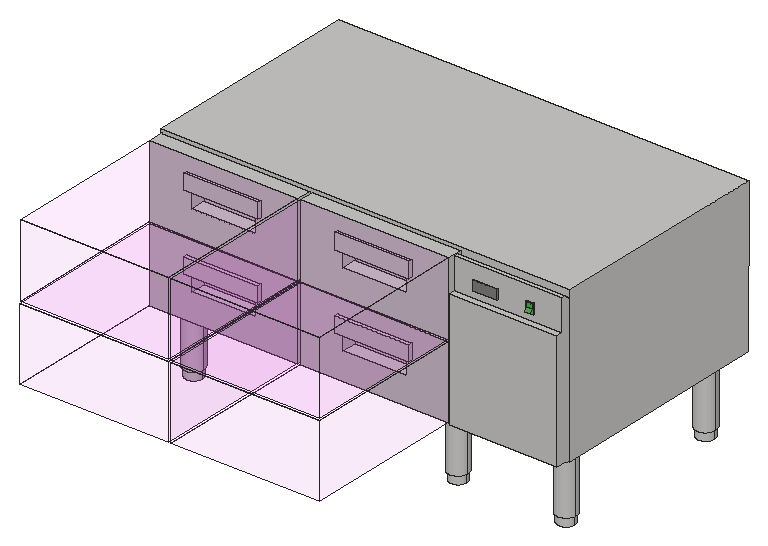
Revit family "QF_ELECTROLUXPROFESSIONAL_371295_E7TTBECOMIN", category Specialty Equipment, Revit 2018 (continued)
Lines and regions (mm)
  Split face 143
    outline origin (727.396, -348, 142.29) x (0, 0, -1) y (1, 0, 0)
      loop
        arc (-117.004, -234.4) -> (-121.004, -238.41) -> (-116.984, -242.399) r 4
        line (-116.984, -242.399) -> (-85.025, -242.399)
  Split face 144
    outline origin (739.396, -348, 142.29) x (0, 0, -1) y (1, 0, 0)
      loop
        arc (-85.025, -242.399) -> (-81.004, -238.41) -> (-85.004, -234.4) r 4
        line (-85.004, -234.4) -> (-117.004, -234.4)
        arc (-117.004, -234.4) -> (-121.004, -238.41) -> (-116.984, -242.399) r 4
        line (-116.984, -242.399) -> (-85.025, -242.399)
  Split face 145
    outline origin (751.396, -348, 142.29) x (0, 0, -1) y (1, 0, 0)
      loop
        arc (-85.025, -242.399) -> (-81.004, -238.41) -> (-85.004, -234.4) r 4
        line (-85.004, -234.4) -> (-117.004, -234.4)
        arc (-117.004, -234.4) -> (-121.004, -238.41) -> (-116.984, -242.399) r 4
        line (-116.984, -242.399) -> (-85.025, -242.399)
  Split face 146
    outline origin (763.396, -348, 142.29) x (0, 0, -1) y (1, 0, 0)
      loop
        arc (-85.025, -242.399) -> (-81.004, -238.41) -> (-85.004, -234.4) r 4
        line (-85.004, -234.4) -> (-117.004, -234.4)
        arc (-117.004, -234.4) -> (-121.004, -238.41) -> (-116.984, -242.399) r 4
        line (-116.984, -242.399) -> (-85.025, -242.399)
  Split face 147
    outline origin (775.396, -348, 142.29) x (0, 0, -1) y (1, 0, 0)
      loop
        arc (-85.025, -242.399) -> (-81.004, -238.41) -> (-85.004, -234.4) r 4
        line (-85.004, -234.4) -> (-117.004, -234.4)
        arc (-117.004, -234.4) -> (-121.004, -238.41) -> (-116.984, -242.399) r 4
        line (-116.984, -242.399) -> (-85.025, -242.399)
  Split face 148
    outline origin (787.396, -348, 142.29) x (0, 0, -1) y (1, 0, 0)
      loop
        arc (-85.025, -242.399) -> (-81.004, -238.41) -> (-85.004, -234.4) r 4
        line (-85.004, -234.4) -> (-117.004, -234.4)
        arc (-117.004, -234.4) -> (-121.004, -238.41) -> (-116.984, -242.399) r 4
        line (-116.984, -242.399) -> (-85.025, -242.399)
  Split face 149
    outline origin (799.396, -348, 142.29) x (0, 0, -1) y (1, 0, 0)
      loop
        arc (-85.025, -242.399) -> (-81.004, -238.41) -> (-85.004, -234.4) r 4
        line (-85.004, -234.4) -> (-117.004, -234.4)
        arc (-117.004, -234.4) -> (-121.004, -238.41) -> (-116.984, -242.399) r 4
        line (-116.984, -242.399) -> (-85.025, -242.399)
  Split face 150
    outline origin (811.396, -348, 142.29) x (0, 0, -1) y (1, 0, 0)
      loop
        arc (-85.025, -242.399) -> (-81.004, -238.41) -> (-85.004, -234.4) r 4
        line (-85.004, -234.4) -> (-117.004, -234.4)
        arc (-117.004, -234.4) -> (-121.004, -238.41) -> (-116.984, -242.399) r 4
        line (-116.984, -242.399) -> (-85.025, -242.399)
  Split face 151
    outline origin (588.5, -348, 142.29) x (0, 0, -1) y (1, 0, 0)
      loop
        arc (-85.025, -282.599) -> (-81.004, -278.61) -> (-85.004, -274.599) r 4
        line (-85.004, -274.599) -> (-117.004, -274.599)
        arc (-117.004, -274.599) -> (-121.004, -278.61) -> (-116.984, -282.599) r 4
        line (-116.984, -282.599) -> (-85.025, -282.599)
  Split face 152
    outline origin (708.396, -348, 412.291) x (0, 0, -1) y (1, 0, 0)
      loop
        arc (-85.025, -282.599) -> (-81.004, -278.61) -> (-85.004, -274.599) r 4
        line (-85.004, -274.599) -> (-117.004, -274.599)
        arc (-117.004, -274.599) -> (-121.004, -278.61) -> (-116.984, -282.599) r 4
        line (-116.984, -282.599) -> (-85.025, -282.599)
  Split face 153
    outline origin (720.397, -348, 412.291) x (0, 0, -1) y (1, 0, 0)
      loop
        arc (-85.025, -282.599) -> (-81.004, -278.61) -> (-85.004, -274.599) r 4
        line (-85.004, -274.599) -> (-117.004, -274.599)
        arc (-117.004, -274.599) -> (-121.004, -278.61) -> (-116.984, -282.599) r 4
        line (-116.984, -282.599) -> (-85.025, -282.599)
  Split face 154
    outline origin (732.396, -348, 412.291) x (0, 0, -1) y (1, 0, 0)
      loop
        arc (-85.025, -282.599) -> (-81.004, -278.61) -> (-85.004, -274.599) r 4
        line (-85.004, -274.599) -> (-117.004, -274.599)
        arc (-117.004, -274.599) -> (-121.004, -278.61) -> (-116.984, -282.599) r 4
        line (-116.984, -282.599) -> (-85.025, -282.599)
  Split face 155
    outline origin (708.396, -348, 367.29) x (0, 0, -1) y (1, 0, 0)
      loop
        arc (-85.025, -282.599) -> (-81.004, -278.61) -> (-85.004, -274.599) r 4
        line (-85.004, -274.599) -> (-117.004, -274.599)
        arc (-117.004, -274.599) -> (-121.004, -278.61) -> (-116.984, -282.599) r 4
        line (-116.984, -282.599) -> (-85.025, -282.599)
  Split face 156
    outline origin (720.397, -348, 367.29) x (0, 0, -1) y (1, 0, 0)
      loop
        arc (-85.025, -282.599) -> (-81.004, -278.61) -> (-85.004, -274.599) r 4
        line (-85.004, -274.599) -> (-117.004, -274.599)
        arc (-117.004, -274.599) -> (-121.004, -278.61) -> (-116.984, -282.599) r 4
        line (-116.984, -282.599) -> (-85.025, -282.599)
  Split face 157
    outline origin (732.396, -348, 367.29) x (0, 0, -1) y (1, 0, 0)
      loop
        arc (-85.025, -282.599) -> (-81.004, -278.61) -> (-85.004, -274.599) r 4
        line (-85.004, -274.599) -> (-117.004, -274.599)
        arc (-117.004, -274.599) -> (-121.004, -278.61) -> (-116.984, -282.599) r 4
        line (-116.984, -282.599) -> (-85.025, -282.599)
  Split face 158
    outline origin (708.396, -348, 322.29) x (0, 0, -1) y (1, 0, 0)
      loop
        arc (-85.025, -282.599) -> (-81.004, -278.61) -> (-85.004, -274.599) r 4
        line (-85.004, -274.599) -> (-117.004, -274.599)
        arc (-117.004, -274.599) -> (-121.004, -278.61) -> (-116.984, -282.599) r 4
        line (-116.984, -282.599) -> (-85.025, -282.599)
  Split face 159
    outline origin (720.397, -348, 322.29) x (0, 0, -1) y (1, 0, 0)
      loop
        arc (-85.025, -282.599) -> (-81.004, -278.61) -> (-85.004, -274.599) r 4
        line (-85.004, -274.599) -> (-117.004, -274.599)
        arc (-117.004, -274.599) -> (-121.004, -278.61) -> (-116.984, -282.599) r 4
        line (-116.984, -282.599) -> (-85.025, -282.599)
  Split face 160
    outline origin (732.396, -348, 322.29) x (0, 0, -1) y (1, 0, 0)
      loop
        arc (-85.025, -282.599) -> (-81.004, -278.61) -> (-85.004, -274.599) r 4
        line (-85.004, -274.599) -> (-117.004, -274.599)
        arc (-117.004, -274.599) -> (-121.004, -278.61) -> (-116.984, -282.599) r 4
        line (-116.984, -282.599) -> (-85.025, -282.599)
  Split face 161
    outline origin (708.396, -348, 277.29) x (0, 0, -1) y (1, 0, 0)
      loop
        arc (-85.025, -282.599) -> (-81.004, -278.61) -> (-85.004, -274.599) r 4
        line (-85.004, -274.599) -> (-117.004, -274.599)
        arc (-117.004, -274.599) -> (-121.004, -278.61) -> (-116.984, -282.599) r 4
        line (-116.984, -282.599) -> (-85.025, -282.599)
  Split face 162
    outline origin (720.397, -348, 277.29) x (0, 0, -1) y (1, 0, 0)
      loop
        arc (-85.025, -282.599) -> (-81.004, -278.61) -> (-85.004, -274.599) r 4
        line (-85.004, -274.599) -> (-117.004, -274.599)
        arc (-117.004, -274.599) -> (-121.004, -278.61) -> (-116.984, -282.599) r 4
        line (-116.984, -282.599) -> (-85.025, -282.599)
  Split face 163
    outline origin (732.396, -348, 277.29) x (0, 0, -1) y (1, 0, 0)
      loop
        arc (-85.025, -282.599) -> (-81.004, -278.61) -> (-85.004, -274.599) r 4
        line (-85.004, -274.599) -> (-117.004, -274.599)
        arc (-117.004, -274.599) -> (-121.004, -278.61) -> (-116.984, -282.599) r 4
        line (-116.984, -282.599) -> (-85.025, -282.599)
  Split face 164
    outline origin (708.396, -348, 232.29) x (0, 0, -1) y (1, 0, 0)
      loop
        arc (-85.025, -282.599) -> (-81.004, -278.61) -> (-85.004, -274.599) r 4
        line (-85.004, -274.599) -> (-117.004, -274.599)
        arc (-117.004, -274.599) -> (-121.004, -278.61) -> (-116.984, -282.599) r 4
        line (-116.984, -282.599) -> (-85.025, -282.599)
  Split face 165
    outline origin (720.397, -348, 232.29) x (0, 0, -1) y (1, 0, 0)
      loop
        arc (-85.025, -282.599) -> (-81.004, -278.61) -> (-85.004, -274.599) r 4
        line (-85.004, -274.599) -> (-117.004, -274.599)
        arc (-117.004, -274.599) -> (-121.004, -278.61) -> (-116.984, -282.599) r 4
        line (-116.984, -282.599) -> (-85.025, -282.599)
  Split face 166
    outline origin (732.396, -348, 232.29) x (0, 0, -1) y (1, 0, 0)
      loop
        arc (-85.025, -282.599) -> (-81.004, -278.61) -> (-85.004, -274.599) r 4
        line (-85.004, -274.599) -> (-117.004, -274.599)
        arc (-117.004, -274.599) -> (-121.004, -278.61) -> (-116.984, -282.599) r 4
        line (-116.984, -282.599) -> (-85.025, -282.599)
  Split face 167
    outline origin (708.396, -348, 187.29) x (0, 0, -1) y (1, 0, 0)
      loop
        arc (-85.025, -282.599) -> (-81.004, -278.61) -> (-85.004, -274.599) r 4
        line (-85.004, -274.599) -> (-117.004, -274.599)
        arc (-117.004, -274.599) -> (-121.004, -278.61) -> (-116.984, -282.599) r 4
        line (-116.984, -282.599) -> (-85.025, -282.599)
  Split face 168
    outline origin (720.397, -348, 187.29) x (0, 0, -1) y (1, 0, 0)
      loop
        arc (-85.025, -282.599) -> (-81.004, -278.61) -> (-85.004, -274.599) r 4
        line (-85.004, -274.599) -> (-117.004, -274.599)
        arc (-117.004, -274.599) -> (-121.004, -278.61) -> (-116.984, -282.599) r 4
        line (-116.984, -282.599) -> (-85.025, -282.599)
  Split face 169
    outline origin (732.396, -348, 187.29) x (0, 0, -1) y (1, 0, 0)
      loop
        arc (-85.025, -282.599) -> (-81.004, -278.61) -> (-85.004, -274.599) r 4
        line (-85.004, -274.599) -> (-117.004, -274.599)
        arc (-117.004, -274.599) -> (-121.004, -278.61) -> (-116.984, -282.599) r 4
        line (-116.984, -282.599) -> (-85.025, -282.599)
  Split face 170
    outline origin (708.396, -348, 142.29) x (0, 0, -1) y (1, 0, 0)
      loop
        arc (-85.025, -282.599) -> (-81.004, -278.61) -> (-85.004, -274.599) r 4
        line (-85.004, -274.599) -> (-117.004, -274.599)
        arc (-117.004, -274.599) -> (-121.004, -278.61) -> (-116.984, -282.599) r 4
        line (-116.984, -282.599) -> (-85.025, -282.599)
  Split face 171
    outline origin (720.397, -348, 142.29) x (0, 0, -1) y (1, 0, 0)
      loop
        arc (-85.025, -282.599) -> (-81.004, -278.61) -> (-85.004, -274.599) r 4
        line (-85.004, -274.599) -> (-117.004, -274.599)
        arc (-117.004, -274.599) -> (-121.004, -278.61) -> (-116.984, -282.599) r 4
        line (-116.984, -282.599) -> (-85.025, -282.599)
  Split face 172
    outline origin (732.396, -348, 142.29) x (0, 0, -1) y (1, 0, 0)
      loop
        arc (-85.025, -282.599) -> (-81.004, -278.61) -> (-85.004, -274.599) r 4
        line (-85.004, -274.599) -> (-117.004, -274.599)
        arc (-117.004, -274.599) -> (-121.004, -278.61) -> (-116.984, -282.599) r 4
        line (-116.984, -282.599) -> (-85.025, -282.599)
  symbolic lines, style "SpecialityEquipmentHiddenLines"
    curve 1: line (-599, 350, 0) -> (599, 350, 0)
    curve 2: line (-599, -348, 0) -> (-599, 350, 0)
    curve 3: line (599, -348, 0) -> (-599, -348, 0)
    curve 4: line (599, 350, 0) -> (599, -348, 0)
    curve 17: line (-599, -303, 0) -> (599, -303, 0)
  symbolic lines, style "QF_Door-Drawer Clearances"
    curve 5: line (-575, -348, 0) -> (-575, -473, 0)
    curve 6: line (-180.999, -473, 0) -> (-180.999, -348, 0)
    curve 7: line (-132.499, -348, 0) -> (-132.499, -473, 0)
    curve 8: line (261.502, -473, 0) -> (261.502, -348, 0)
    curve 9: line (-595, -473, 0) -> (-160.999, -473, 0)
    curve 10: line (-152.499, -473, 0) -> (281.502, -473, 0)
    curve 11: line (-595, -513, 0) -> (-160.999, -513, 0)
    curve 12: line (-152.499, -513, 0) -> (281.502, -513, 0)
    curve 13: line (-160.999, -513, 0) -> (-160.999, -473, 0)
    curve 14: line (-152.499, -473, 0) -> (-152.499, -513, 0)
    curve 15: line (-595, -473, 0) -> (-595, -513, 0)
    curve 16: line (281.502, -513, 0) -> (281.502, -473, 0)
    curve 18: line (-575, -513, 0) -> (-575, -638, 0)
    curve 19: line (-180.999, -638, 0) -> (-180.999, -513, 0)
    curve 20: line (-132.499, -513, 0) -> (-132.499, -638, 0)
    curve 21: line (261.502, -638, 0) -> (261.502, -513, 0)
    curve 22: line (-595, -638, 0) -> (-160.999, -638, 0)
    curve 23: line (-152.499, -638, 0) -> (281.502, -638, 0)
    curve 24: line (-595, -678, 0) -> (-160.999, -678, 0)
    curve 25: line (-152.499, -678, 0) -> (281.502, -678, 0)
    curve 26: line (-160.999, -678, 0) -> (-160.999, -638, 0)
    curve 27: line (-152.499, -638, 0) -> (-152.499, -678, 0)
    curve 28: line (-595, -638, 0) -> (-595, -678, 0)
    curve 29: line (281.502, -678, 0) -> (281.502, -638, 0)
Dimensions and locks
  plane 4 to level = 200 mm
  plane 5 "TOP" to level = 650 mm
  plane 5 "TOP" to plane 4 = 450 mm
  equal spacing: plane 8 "LEFT", plane 3 "Centro (Sinistra/Destra)", plane 9 "RIGHT"
  plane 8 "LEFT" to plane 9 "RIGHT" = 1200 mm
  equal spacing: plane 6 "BACK", plane 1 "Center X", plane 7 "FRONT"
  plane 6 "BACK" to plane 7 "FRONT" = 700 mm
  locked: plane 6 "BACK" to plane 10 at 653
  locked: plane 10 to plane 11 at 45
  locked: plane 8 "LEFT" to plane 12 at 55
  locked: plane 13 to plane 9 "RIGHT" at 55
  locked: plane 12 to plane 14 at 774
  locked: plane 6 "BACK" to plane 15 at 88
  locked: plane 16 to plane 11 at 99
  locked: plane 19 to plane 9 "RIGHT" at 1
  locked: plane 8 "LEFT" to plane 18 at 1
  plane 19 to plane 17 = 313 mm
  locked: plane 6 "BACK" to plane 20 at 160
  plane 21 to plane 9 "RIGHT" = 42 mm
  equal spacing: plane 5 "TOP", plane 22, plane 4
  aligned and locked: level to plane 2
  aligned and locked: plane 12 to nested 1
  aligned and locked: nested 1 to plane 16
  aligned and locked: nested 2 to plane 15
  aligned and locked: plane 14 to nested 3
  aligned and locked: nested 4 to plane 14
  aligned and locked: plane 13 to nested 5
  aligned and locked: nested 6 to plane 13
  aligned and locked: Extrusion 1 sketch curve to plane 6 "BACK"
  aligned and locked: plane 10 to Extrusion 1 sketch curve
  aligned and locked: Extrusion 2 to plane 11
  aligned and locked: Extrusion 10 to plane 11
  aligned and locked: plane 19 to Extrusion 1
  aligned and locked: plane 4 to Extrusion 12
Automatic sketch dimensions
  Extrusion 2 sketch curve to plane 24 = 0 mm
  plane 18 to Extrusion 2 sketch curve = 4 mm
  plane 12 to Extrusion 2 sketch curve = 73.7 mm
  plane 24 to Extrusion 2 sketch curve = 79.206 mm
  Extrusion 2 sketch curve to Extrusion 2 sketch curve = 186.601 mm
  Extrusion 2 sketch curve to plane 5 "TOP" = 9.006 mm
  Extrusion 2 sketch curve to Extrusion 2 sketch curve = 123.7 mm
  Extrusion 2 sketch curve to plane 5 "TOP" = 65 mm
  Extrusion 8 sketch curve to plane 24 = 0 mm
  Extrusion 8 sketch curve to plane 3 "Centro (Sinistra/Destra)" = 152.999 mm
  Extrusion 8 sketch curve to plane 17 = 4.998 mm
  Extrusion 8 sketch curve to plane 5 "TOP" = 9.006 mm
  Extrusion 10 sketch curve to plane 24 = 0 mm
  Extrusion 10 sketch curve to plane 17 = 4.998 mm
  Extrusion 10 sketch curve to plane 14 = 71.698 mm
  Extrusion 10 sketch curve to plane 3 "Centro (Sinistra/Destra)" = 29.299 mm
  Extrusion 10 sketch curve to Extrusion 10 sketch curve = 123.7 mm
  plane 24 to Extrusion 10 sketch curve = 79.206 mm
  Extrusion 10 sketch curve to plane 5 "TOP" = 65 mm
  Extrusion 10 sketch curve to plane 5 "TOP" = 9.006 mm
  Extrusion 12 sketch curve to plane 20 = 0 mm
  Extrusion 12 sketch curve to plane 21 = 0 mm
  Extrusion 1 sketch curve to plane 19 = 0 mm
  Extrusion 1 sketch curve to plane 18 = 0 mm
  Extrusion 2 to Extrusion 3 sketch curve = 0 mm
  Extrusion 3 sketch curve to Extrusion 2 = 0 mm  (x3)
  Extrusion 4 sketch curve to plane 11 = 0 mm
  Extrusion 4 sketch curve to plane 4 = 0 mm
  Extrusion 4 sketch curve to plane 10 = 0 mm
  plane 11 to Extrusion 4 sketch curve = 16.901 mm
  Extrusion 4 sketch curve to Extrusion 4 sketch curve = 11.336 mm
  plane 4 to Extrusion 4 sketch curve = 4.796 mm
  Extrusion 4 sketch curve to plane 10 = 15.163 mm
  Extrusion 4 sketch curve to plane 10 = 5.442 mm
  Extrusion 4 sketch curve to plane 5 "TOP" = 100.204 mm
  Extrusion 4 sketch curve to plane 5 "TOP" = 20.473 mm
  Extrusion 4 sketch curve to plane 5 "TOP" = 9.006 mm
  Extrusion 4 to Extrusion 5 sketch curve = 42.198 mm
  Extrusion 5 sketch curve to Extrusion 4 = 20 mm
  Extrusion 4 to Extrusion 5 sketch curve = 102.899 mm
  Extrusion 5 sketch curve to Extrusion 5 sketch curve = 22 mm
  Extrusion 4 to Extrusion 6 sketch curve = 42.198 mm
  Extrusion 6 sketch curve to Extrusion 4 = 20 mm
  Extrusion 4 to Extrusion 6 sketch curve = 54.901 mm
  Extrusion 6 sketch curve to Extrusion 6 sketch curve = 70 mm
  Split face 1 sketch curve to Extrusion 6 = 5 mm
  Split face 1 sketch curve to Extrusion 6 = 9 mm
  Split face 1 sketch curve to Extrusion 6 = 10 mm  (x2)
  Split face 2 sketch curve to Extrusion 6 = 12.5 mm
  Split face 2 sketch curve to Extrusion 6 = 7 mm
  Split face 3 sketch curve to Extrusion 6 = 7.5 mm
  Split face 3 sketch curve to Extrusion 6 = 7 mm
  Split face 4 sketch curve to Extrusion 6 = 11.5 mm
  Split face 4 sketch curve to Extrusion 6 = 7 mm
  Split face 5 sketch curve to Extrusion 6 = 7.5 mm
  Split face 5 sketch curve to Extrusion 6 = 7 mm
  Split face 6 sketch curve to Extrusion 6 = 12.5 mm
  Split face 6 sketch curve to Extrusion 6 = 7 mm
  Split face 7 sketch curve to Extrusion 6 = 11.5 mm
  Split face 7 sketch curve to Extrusion 6 = 7 mm
  Split face 8 sketch curve to Extrusion 6 = 7.047 mm
  Split face 8 sketch curve to Extrusion 6 = 2.047 mm
  Split face 8 sketch curve to Extrusion 6 = 10 mm
  Split face 8 sketch curve to Split face 8 sketch curve = 11 mm
  Split face 9 sketch curve to Extrusion 6 = 7.047 mm
  Split face 9 sketch curve to Extrusion 6 = 2.047 mm
  Split face 9 sketch curve to Extrusion 6 = 23 mm
  Split face 9 sketch curve to Split face 9 sketch curve = 11 mm
  Split face 10 sketch curve to Extrusion 6 = 7.047 mm
  Split face 10 sketch curve to Extrusion 6 = 2.047 mm
  Split face 10 sketch curve to Extrusion 6 = 34 mm
  Split face 10 sketch curve to Split face 10 sketch curve = 11 mm
  Split face 11 sketch curve to Extrusion 6 = 7.047 mm
  Split face 11 sketch curve to Extrusion 6 = 2.047 mm
  Split face 11 sketch curve to Extrusion 6 = 21 mm
  Split face 11 sketch curve to Extrusion 6 = 10 mm
  Extrusion 7 sketch curve to Extrusion 7 sketch curve = 0 mm  (x3)
  Extrusion 7 sketch curve to Extrusion 5 = 0 mm
  Extrusion 5 to Extrusion 7 sketch curve = 2.279 mm
  Extrusion 7 sketch curve to Extrusion 7 sketch curve = 0.116 mm
  Extrusion 7 sketch curve to Extrusion 7 sketch curve = 12.105 mm
  Extrusion 5 to Extrusion 7 sketch curve = 3.692 mm
  Extrusion 5 to Extrusion 7 sketch curve = 2.395 mm
  Split face 12 sketch curve to Extrusion 4 = 20.5 mm
  Split face 12 sketch curve to Split face 12 sketch curve = 0.02 mm  (x2)
  Split face 12 sketch curve to Split face 12 sketch curve = 31.959 mm
  Split face 12 sketch curve to Extrusion 4 = 32.901 mm
  Split face 12 sketch curve to Split face 12 sketch curve = 4 mm
  Split face 13 sketch curve to Extrusion 4 = 20.5 mm
  Split face 13 sketch curve to Split face 13 sketch curve = 0.02 mm  (x2)
  Split face 13 sketch curve to Split face 13 sketch curve = 31.959 mm
  Split face 13 sketch curve to Extrusion 4 = 44.9 mm
  Split face 13 sketch curve to Split face 13 sketch curve = 4 mm
  Split face 14 sketch curve to Extrusion 4 = 20.5 mm
  Split face 14 sketch curve to Split face 14 sketch curve = 0.02 mm  (x2)
  Split face 14 sketch curve to Split face 14 sketch curve = 31.959 mm
  Split face 14 sketch curve to Extrusion 4 = 56.9 mm
  Split face 14 sketch curve to Split face 14 sketch curve = 4 mm
  Split face 15 sketch curve to Extrusion 4 = 20.5 mm
  Split face 15 sketch curve to Split face 15 sketch curve = 0.02 mm  (x2)
  Split face 15 sketch curve to Split face 15 sketch curve = 31.959 mm
  Split face 15 sketch curve to Extrusion 4 = 68.797 mm
  Split face 15 sketch curve to Split face 15 sketch curve = 4 mm
  Split face 16 sketch curve to Extrusion 4 = 20.5 mm
  Split face 16 sketch curve to Split face 16 sketch curve = 0.02 mm  (x2)
  Split face 16 sketch curve to Split face 16 sketch curve = 31.959 mm
  Split face 16 sketch curve to Extrusion 4 = 80.797 mm
  Split face 16 sketch curve to Split face 16 sketch curve = 4 mm
  Split face 17 sketch curve to Extrusion 4 = 20.5 mm
  Split face 17 sketch curve to Split face 17 sketch curve = 0.02 mm  (x2)
  Split face 17 sketch curve to Split face 17 sketch curve = 31.959 mm
  Split face 17 sketch curve to Extrusion 4 = 92.797 mm
  Split face 17 sketch curve to Split face 17 sketch curve = 4 mm
  Split face 18 sketch curve to Extrusion 4 = 20.5 mm
  Split face 18 sketch curve to Split face 18 sketch curve = 0.02 mm  (x2)
  Split face 18 sketch curve to Split face 18 sketch curve = 31.959 mm
  Split face 18 sketch curve to Extrusion 4 = 104.797 mm
  Split face 18 sketch curve to Split face 18 sketch curve = 4 mm
  Split face 19 sketch curve to Extrusion 4 = 20.5 mm
  Split face 19 sketch curve to Split face 19 sketch curve = 0.02 mm  (x2)
  Split face 19 sketch curve to Split face 19 sketch curve = 31.959 mm
  Split face 19 sketch curve to Extrusion 4 = 116.797 mm
  Split face 19 sketch curve to Split face 19 sketch curve = 4 mm
  Split face 20 sketch curve to Extrusion 4 = 20.5 mm
  Split face 20 sketch curve to Split face 20 sketch curve = 0.02 mm  (x2)
  Split face 20 sketch curve to Split face 20 sketch curve = 31.959 mm
  Split face 20 sketch curve to Extrusion 4 = 128.797 mm
  Split face 20 sketch curve to Split face 20 sketch curve = 4 mm
  Split face 21 sketch curve to Extrusion 4 = 20.5 mm
  Split face 21 sketch curve to Split face 21 sketch curve = 0.02 mm  (x2)
  Split face 21 sketch curve to Split face 21 sketch curve = 31.959 mm
  Split face 21 sketch curve to Extrusion 4 = 137.003 mm
  Split face 21 sketch curve to Split face 21 sketch curve = 4 mm
  Split face 22 sketch curve to Extrusion 4 = 20.5 mm
  Split face 22 sketch curve to Split face 22 sketch curve = 0.02 mm  (x2)
  Split face 22 sketch curve to Split face 22 sketch curve = 31.959 mm
  Split face 22 sketch curve to Extrusion 4 = 125.004 mm
  Split face 22 sketch curve to Split face 22 sketch curve = 4 mm
  Split face 23 sketch curve to Extrusion 4 = 20.5 mm
  Split face 23 sketch curve to Split face 23 sketch curve = 0.02 mm  (x2)
  Split face 23 sketch curve to Split face 23 sketch curve = 31.959 mm
  Split face 23 sketch curve to Extrusion 4 = 113.003 mm
  Split face 23 sketch curve to Split face 23 sketch curve = 4 mm
  Split face 24 sketch curve to Extrusion 4 = 20.5 mm
  Split face 24 sketch curve to Split face 24 sketch curve = 0.02 mm  (x2)
  Split face 24 sketch curve to Split face 24 sketch curve = 31.959 mm
  Split face 24 sketch curve to Extrusion 4 = 101.003 mm
  Split face 24 sketch curve to Split face 24 sketch curve = 4 mm
  Split face 25 sketch curve to Extrusion 4 = 20.5 mm
  Split face 25 sketch curve to Split face 25 sketch curve = 0.02 mm  (x2)
  Split face 25 sketch curve to Split face 25 sketch curve = 31.959 mm
  Split face 25 sketch curve to Extrusion 4 = 89.003 mm
  Split face 25 sketch curve to Split face 25 sketch curve = 4 mm
  Split face 26 sketch curve to Extrusion 4 = 20.5 mm
  Split face 26 sketch curve to Split face 26 sketch curve = 0.02 mm  (x2)
  Split face 26 sketch curve to Split face 26 sketch curve = 31.959 mm
  Split face 26 sketch curve to Extrusion 4 = 77.004 mm
  Split face 26 sketch curve to Split face 26 sketch curve = 4 mm
  Split face 27 sketch curve to Extrusion 4 = 20.5 mm
  Split face 27 sketch curve to Split face 27 sketch curve = 0.02 mm  (x2)
  Split face 27 sketch curve to Split face 27 sketch curve = 31.959 mm
  Split face 27 sketch curve to Extrusion 4 = 65.003 mm
  Split face 27 sketch curve to Split face 27 sketch curve = 4 mm
  Split face 28 sketch curve to Extrusion 4 = 20.5 mm
  Split face 28 sketch curve to Split face 28 sketch curve = 0.02 mm  (x2)
  Split face 28 sketch curve to Split face 28 sketch curve = 31.959 mm
  Split face 28 sketch curve to Extrusion 4 = 53.004 mm
  Split face 28 sketch curve to Split face 28 sketch curve = 4 mm
  Split face 29 sketch curve to Extrusion 4 = 20.5 mm
  Split face 29 sketch curve to Split face 29 sketch curve = 0.02 mm  (x2)
  Split face 29 sketch curve to Split face 29 sketch curve = 31.959 mm
  Split face 29 sketch curve to Extrusion 4 = 41.004 mm
  Split face 29 sketch curve to Split face 29 sketch curve = 4 mm
  Split face 30 sketch curve to Extrusion 4 = 20.5 mm
  Split face 30 sketch curve to Split face 30 sketch curve = 0.02 mm  (x2)
  Split face 30 sketch curve to Split face 30 sketch curve = 31.959 mm
  Split face 30 sketch curve to Extrusion 4 = 29.004 mm
  Split face 30 sketch curve to Split face 30 sketch curve = 4 mm
  Split face 31 sketch curve to Extrusion 4 = 20.5 mm
  Split face 31 sketch curve to Split face 31 sketch curve = 0.02 mm  (x2)
  Split face 31 sketch curve to Split face 31 sketch curve = 31.959 mm
  Split face 31 sketch curve to Extrusion 4 = 20.901 mm
  Split face 31 sketch curve to Split face 31 sketch curve = 4 mm
  Split face 32 sketch curve to Extrusion 4 = 65.502 mm
  Split face 32 sketch curve to Split face 32 sketch curve = 0.02 mm  (x2)
  Split face 32 sketch curve to Split face 32 sketch curve = 31.959 mm
  Split face 32 sketch curve to Extrusion 4 = 32.901 mm
  Split face 32 sketch curve to Split face 32 sketch curve = 4 mm
  Split face 33 sketch curve to Extrusion 4 = 65.502 mm
  Split face 33 sketch curve to Split face 33 sketch curve = 0.02 mm  (x2)
  Split face 33 sketch curve to Split face 33 sketch curve = 31.959 mm
  Split face 33 sketch curve to Extrusion 4 = 44.9 mm
  Split face 33 sketch curve to Split face 33 sketch curve = 4 mm
  Split face 34 sketch curve to Extrusion 4 = 65.502 mm
  Split face 34 sketch curve to Split face 34 sketch curve = 0.02 mm  (x2)
  Split face 34 sketch curve to Split face 34 sketch curve = 31.959 mm
  Split face 34 sketch curve to Extrusion 4 = 56.9 mm
  Split face 34 sketch curve to Split face 34 sketch curve = 4 mm
  Split face 35 sketch curve to Extrusion 4 = 65.502 mm
  Split face 35 sketch curve to Split face 35 sketch curve = 0.02 mm  (x2)
  Split face 35 sketch curve to Split face 35 sketch curve = 31.959 mm
  Split face 35 sketch curve to Extrusion 4 = 68.797 mm
  Split face 35 sketch curve to Split face 35 sketch curve = 4 mm
  Split face 36 sketch curve to Extrusion 4 = 65.502 mm
  Split face 36 sketch curve to Split face 36 sketch curve = 0.02 mm  (x2)
  Split face 36 sketch curve to Split face 36 sketch curve = 31.959 mm
  Split face 36 sketch curve to Extrusion 4 = 80.797 mm
  Split face 36 sketch curve to Split face 36 sketch curve = 4 mm
  Split face 37 sketch curve to Extrusion 4 = 65.502 mm
  Split face 37 sketch curve to Split face 37 sketch curve = 0.02 mm  (x2)
  Split face 37 sketch curve to Split face 37 sketch curve = 31.959 mm
  Split face 37 sketch curve to Extrusion 4 = 92.797 mm
  Split face 37 sketch curve to Split face 37 sketch curve = 4 mm
  Split face 38 sketch curve to Extrusion 4 = 65.502 mm
  Split face 38 sketch curve to Split face 38 sketch curve = 0.02 mm  (x2)
  Split face 38 sketch curve to Split face 38 sketch curve = 31.959 mm
  Split face 38 sketch curve to Extrusion 4 = 104.797 mm
  Split face 38 sketch curve to Split face 38 sketch curve = 4 mm
  Split face 39 sketch curve to Extrusion 4 = 65.502 mm
  Split face 39 sketch curve to Split face 39 sketch curve = 0.02 mm  (x2)
  Split face 39 sketch curve to Split face 39 sketch curve = 31.959 mm
  Split face 39 sketch curve to Extrusion 4 = 116.797 mm
  Split face 39 sketch curve to Split face 39 sketch curve = 4 mm
  Split face 40 sketch curve to Extrusion 4 = 65.502 mm
  Split face 40 sketch curve to Split face 40 sketch curve = 0.02 mm  (x2)
  Split face 40 sketch curve to Split face 40 sketch curve = 31.959 mm
  Split face 40 sketch curve to Extrusion 4 = 128.797 mm
  Split face 40 sketch curve to Split face 40 sketch curve = 4 mm
  Split face 41 sketch curve to Extrusion 4 = 65.502 mm
  Split face 41 sketch curve to Split face 41 sketch curve = 0.02 mm  (x2)
  Split face 41 sketch curve to Split face 41 sketch curve = 31.959 mm
  Split face 41 sketch curve to Extrusion 4 = 137.003 mm
  Split face 41 sketch curve to Split face 41 sketch curve = 4 mm
  Split face 42 sketch curve to Extrusion 4 = 65.502 mm
  Split face 42 sketch curve to Split face 42 sketch curve = 0.02 mm  (x2)
  Split face 42 sketch curve to Split face 42 sketch curve = 31.959 mm
  Split face 42 sketch curve to Extrusion 4 = 125.004 mm
  Split face 42 sketch curve to Split face 42 sketch curve = 4 mm
  Split face 43 sketch curve to Extrusion 4 = 65.502 mm
  Split face 43 sketch curve to Split face 43 sketch curve = 0.02 mm  (x2)
  Split face 43 sketch curve to Split face 43 sketch curve = 31.959 mm
  Split face 43 sketch curve to Extrusion 4 = 113.003 mm
  Split face 43 sketch curve to Split face 43 sketch curve = 4 mm
  Split face 44 sketch curve to Extrusion 4 = 65.502 mm
  Split face 44 sketch curve to Split face 44 sketch curve = 0.02 mm  (x2)
  Split face 44 sketch curve to Split face 44 sketch curve = 31.959 mm
  Split face 44 sketch curve to Extrusion 4 = 101.003 mm
  Split face 44 sketch curve to Split face 44 sketch curve = 4 mm
  Split face 45 sketch curve to Extrusion 4 = 65.502 mm
  Split face 45 sketch curve to Split face 45 sketch curve = 0.02 mm  (x2)
  Split face 45 sketch curve to Split face 45 sketch curve = 31.959 mm
  Split face 45 sketch curve to Extrusion 4 = 89.003 mm
  Split face 45 sketch curve to Split face 45 sketch curve = 4 mm
  Split face 46 sketch curve to Extrusion 4 = 65.502 mm
  Split face 46 sketch curve to Split face 46 sketch curve = 0.02 mm  (x2)
  Split face 46 sketch curve to Split face 46 sketch curve = 31.959 mm
  Split face 46 sketch curve to Extrusion 4 = 77.004 mm
  Split face 46 sketch curve to Split face 46 sketch curve = 4 mm
  Split face 47 sketch curve to Extrusion 4 = 65.502 mm
  Split face 47 sketch curve to Split face 47 sketch curve = 0.02 mm  (x2)
  Split face 47 sketch curve to Split face 47 sketch curve = 31.959 mm
  Split face 47 sketch curve to Extrusion 4 = 65.003 mm
  Split face 47 sketch curve to Split face 47 sketch curve = 4 mm
  Split face 48 sketch curve to Extrusion 4 = 65.502 mm
  Split face 48 sketch curve to Split face 48 sketch curve = 0.02 mm  (x2)
  Split face 48 sketch curve to Split face 48 sketch curve = 31.959 mm
  Split face 48 sketch curve to Extrusion 4 = 53.004 mm
  Split face 48 sketch curve to Split face 48 sketch curve = 4 mm
  Split face 49 sketch curve to Extrusion 4 = 65.502 mm
  Split face 49 sketch curve to Split face 49 sketch curve = 0.02 mm  (x2)
  Split face 49 sketch curve to Split face 49 sketch curve = 31.959 mm
  Split face 49 sketch curve to Extrusion 4 = 41.004 mm
  Split face 49 sketch curve to Split face 49 sketch curve = 4 mm
  Split face 50 sketch curve to Extrusion 4 = 25.004 mm
  Split face 50 sketch curve to Extrusion 4 = 65.502 mm
  Split face 50 sketch curve to Split face 50 sketch curve = 0.02 mm  (x2)
  Split face 50 sketch curve to Split face 50 sketch curve = 31.959 mm
  Split face 50 sketch curve to Split face 50 sketch curve = 4 mm
  Split face 51 sketch curve to Extrusion 4 = 24.901 mm
  Split face 51 sketch curve to Extrusion 4 = 65.502 mm
  Split face 51 sketch curve to Split face 51 sketch curve = 0.02 mm  (x2)
  Split face 51 sketch curve to Split face 51 sketch curve = 31.959 mm
  Split face 51 sketch curve to Split face 51 sketch curve = 4 mm
  Split face 52 sketch curve to Extrusion 4 = 36.901 mm
  Split face 52 sketch curve to Extrusion 4 = 110.502 mm
  Split face 52 sketch curve to Split face 52 sketch curve = 0.02 mm  (x2)
  Split face 52 sketch curve to Split face 52 sketch curve = 31.959 mm
  Split face 52 sketch curve to Split face 52 sketch curve = 4 mm
  Split face 53 sketch curve to Extrusion 4 = 48.9 mm
  Split face 53 sketch curve to Extrusion 4 = 110.502 mm
  Split face 53 sketch curve to Split face 53 sketch curve = 0.02 mm  (x2)
  Split face 53 sketch curve to Split face 53 sketch curve = 31.959 mm
  Split face 53 sketch curve to Split face 53 sketch curve = 4 mm
  Split face 54 sketch curve to Extrusion 4 = 110.502 mm
  Split face 54 sketch curve to Split face 54 sketch curve = 0.02 mm  (x2)
  Split face 54 sketch curve to Split face 54 sketch curve = 31.959 mm
  Split face 54 sketch curve to Extrusion 4 = 56.9 mm
  Split face 54 sketch curve to Split face 54 sketch curve = 4 mm
  Split face 55 sketch curve to Extrusion 4 = 110.502 mm
  Split face 55 sketch curve to Split face 55 sketch curve = 0.02 mm  (x2)
  Split face 55 sketch curve to Split face 55 sketch curve = 31.959 mm
  Split face 55 sketch curve to Extrusion 4 = 68.797 mm
  Split face 55 sketch curve to Split face 55 sketch curve = 4 mm
  Split face 56 sketch curve to Extrusion 4 = 110.502 mm
  Split face 56 sketch curve to Split face 56 sketch curve = 0.02 mm  (x2)
  Split face 56 sketch curve to Split face 56 sketch curve = 31.959 mm
  Split face 56 sketch curve to Extrusion 4 = 80.797 mm
  Split face 56 sketch curve to Split face 56 sketch curve = 4 mm
  Split face 57 sketch curve to Extrusion 4 = 110.502 mm
  Split face 57 sketch curve to Split face 57 sketch curve = 0.02 mm  (x2)
  Split face 57 sketch curve to Split face 57 sketch curve = 31.959 mm
  Split face 57 sketch curve to Extrusion 4 = 92.797 mm
  Split face 57 sketch curve to Split face 57 sketch curve = 4 mm
  Split face 58 sketch curve to Extrusion 4 = 110.502 mm
  Split face 58 sketch curve to Split face 58 sketch curve = 0.02 mm  (x2)
  Split face 58 sketch curve to Split face 58 sketch curve = 31.959 mm
  Split face 58 sketch curve to Extrusion 4 = 104.797 mm
  Split face 58 sketch curve to Split face 58 sketch curve = 4 mm
  Split face 59 sketch curve to Extrusion 4 = 110.502 mm
  Split face 59 sketch curve to Split face 59 sketch curve = 0.02 mm  (x2)
  Split face 59 sketch curve to Split face 59 sketch curve = 31.959 mm
  Split face 59 sketch curve to Extrusion 4 = 116.797 mm
  Split face 59 sketch curve to Split face 59 sketch curve = 4 mm
  Split face 60 sketch curve to Extrusion 4 = 110.502 mm
  Split face 60 sketch curve to Split face 60 sketch curve = 0.02 mm  (x2)
  Split face 60 sketch curve to Split face 60 sketch curve = 31.959 mm
  Split face 60 sketch curve to Extrusion 4 = 128.797 mm
  Split face 60 sketch curve to Split face 60 sketch curve = 4 mm
  Split face 61 sketch curve to Extrusion 4 = 110.502 mm
  Split face 61 sketch curve to Split face 61 sketch curve = 0.02 mm  (x2)
  Split face 61 sketch curve to Split face 61 sketch curve = 31.959 mm
  Split face 61 sketch curve to Extrusion 4 = 137.003 mm
  Split face 61 sketch curve to Split face 61 sketch curve = 4 mm
  Split face 62 sketch curve to Extrusion 4 = 110.502 mm
  Split face 62 sketch curve to Split face 62 sketch curve = 0.02 mm  (x2)
  Split face 62 sketch curve to Split face 62 sketch curve = 31.959 mm
  Split face 62 sketch curve to Extrusion 4 = 125.004 mm
  Split face 62 sketch curve to Split face 62 sketch curve = 4 mm
  Split face 63 sketch curve to Extrusion 4 = 110.502 mm
  Split face 63 sketch curve to Split face 63 sketch curve = 0.02 mm  (x2)
  Split face 63 sketch curve to Split face 63 sketch curve = 31.959 mm
  Split face 63 sketch curve to Extrusion 4 = 113.003 mm
  Split face 63 sketch curve to Split face 63 sketch curve = 4 mm
  Split face 64 sketch curve to Extrusion 4 = 110.502 mm
  Split face 64 sketch curve to Split face 64 sketch curve = 0.02 mm  (x2)
  Split face 64 sketch curve to Split face 64 sketch curve = 31.959 mm
  Split face 64 sketch curve to Extrusion 4 = 101.003 mm
  Split face 64 sketch curve to Split face 64 sketch curve = 4 mm
  Split face 65 sketch curve to Extrusion 4 = 110.502 mm
  Split face 65 sketch curve to Split face 65 sketch curve = 0.02 mm  (x2)
  Split face 65 sketch curve to Split face 65 sketch curve = 31.959 mm
  Split face 65 sketch curve to Extrusion 4 = 89.003 mm
  Split face 65 sketch curve to Split face 65 sketch curve = 4 mm
  Split face 66 sketch curve to Extrusion 4 = 110.502 mm
  Split face 66 sketch curve to Split face 66 sketch curve = 0.02 mm  (x2)
  Split face 66 sketch curve to Split face 66 sketch curve = 31.959 mm
  Split face 66 sketch curve to Extrusion 4 = 77.004 mm
  Split face 66 sketch curve to Split face 66 sketch curve = 4 mm
  Split face 67 sketch curve to Extrusion 4 = 110.502 mm
  Split face 67 sketch curve to Split face 67 sketch curve = 0.02 mm  (x2)
  Split face 67 sketch curve to Split face 67 sketch curve = 31.959 mm
  Split face 67 sketch curve to Extrusion 4 = 65.003 mm
  Split face 67 sketch curve to Split face 67 sketch curve = 4 mm
  Split face 68 sketch curve to Extrusion 4 = 49.004 mm
  Split face 68 sketch curve to Extrusion 4 = 110.502 mm
  Split face 68 sketch curve to Split face 68 sketch curve = 0.02 mm  (x2)
  Split face 68 sketch curve to Split face 68 sketch curve = 31.959 mm
  Split face 68 sketch curve to Split face 68 sketch curve = 4 mm
  Split face 69 sketch curve to Extrusion 4 = 37.004 mm
  Split face 69 sketch curve to Extrusion 4 = 110.502 mm
  Split face 69 sketch curve to Split face 69 sketch curve = 0.02 mm  (x2)
  Split face 69 sketch curve to Split face 69 sketch curve = 31.959 mm
  Split face 69 sketch curve to Split face 69 sketch curve = 4 mm
  Split face 70 sketch curve to Extrusion 4 = 25.004 mm
  Split face 70 sketch curve to Extrusion 4 = 110.502 mm
  Split face 70 sketch curve to Split face 70 sketch curve = 0.02 mm  (x2)
  Split face 70 sketch curve to Split face 70 sketch curve = 31.959 mm
  Split face 70 sketch curve to Split face 70 sketch curve = 4 mm
  Split face 71 sketch curve to Extrusion 4 = 24.901 mm
  Split face 71 sketch curve to Extrusion 4 = 110.502 mm
  Split face 71 sketch curve to Split face 71 sketch curve = 0.02 mm  (x2)
  Split face 71 sketch curve to Split face 71 sketch curve = 31.959 mm
  Split face 71 sketch curve to Split face 71 sketch curve = 4 mm
  Split face 72 sketch curve to Extrusion 4 = 36.901 mm
  Split face 72 sketch curve to Extrusion 4 = 155.502 mm
  Split face 72 sketch curve to Split face 72 sketch curve = 0.02 mm  (x2)
  Split face 72 sketch curve to Split face 72 sketch curve = 31.959 mm
  Split face 72 sketch curve to Split face 72 sketch curve = 4 mm
  Split face 73 sketch curve to Extrusion 4 = 48.9 mm
  Split face 73 sketch curve to Extrusion 4 = 155.502 mm
  Split face 73 sketch curve to Split face 73 sketch curve = 0.02 mm  (x2)
  Split face 73 sketch curve to Split face 73 sketch curve = 31.959 mm
  Split face 73 sketch curve to Split face 73 sketch curve = 4 mm
  Split face 74 sketch curve to Extrusion 4 = 60.9 mm
  Split face 74 sketch curve to Extrusion 4 = 155.502 mm
  Split face 74 sketch curve to Split face 74 sketch curve = 0.02 mm  (x2)
  Split face 74 sketch curve to Split face 74 sketch curve = 31.959 mm
  Split face 74 sketch curve to Split face 74 sketch curve = 4 mm
  Split face 75 sketch curve to Extrusion 4 = 72.797 mm
  Split face 75 sketch curve to Extrusion 4 = 155.502 mm
  Split face 75 sketch curve to Split face 75 sketch curve = 0.02 mm  (x2)
  Split face 75 sketch curve to Split face 75 sketch curve = 31.959 mm
  Split face 75 sketch curve to Split face 75 sketch curve = 4 mm
  Split face 76 sketch curve to Extrusion 4 = 155.502 mm
  Split face 76 sketch curve to Split face 76 sketch curve = 0.02 mm  (x2)
  Split face 76 sketch curve to Split face 76 sketch curve = 31.959 mm
  Split face 76 sketch curve to Extrusion 4 = 80.797 mm
  Split face 76 sketch curve to Split face 76 sketch curve = 4 mm
  Split face 77 sketch curve to Extrusion 4 = 155.502 mm
  Split face 77 sketch curve to Split face 77 sketch curve = 0.02 mm  (x2)
  Split face 77 sketch curve to Split face 77 sketch curve = 31.959 mm
  Split face 77 sketch curve to Extrusion 4 = 92.797 mm
  Split face 77 sketch curve to Split face 77 sketch curve = 4 mm
  Split face 78 sketch curve to Extrusion 4 = 155.502 mm
  Split face 78 sketch curve to Split face 78 sketch curve = 0.02 mm  (x2)
  Split face 78 sketch curve to Split face 78 sketch curve = 31.959 mm
  Split face 78 sketch curve to Extrusion 4 = 104.797 mm
  Split face 78 sketch curve to Split face 78 sketch curve = 4 mm
  Split face 79 sketch curve to Extrusion 4 = 155.502 mm
  Split face 79 sketch curve to Split face 79 sketch curve = 0.02 mm  (x2)
  Split face 79 sketch curve to Split face 79 sketch curve = 31.959 mm
  Split face 79 sketch curve to Extrusion 4 = 116.797 mm
  Split face 79 sketch curve to Split face 79 sketch curve = 4 mm
  Split face 80 sketch curve to Extrusion 4 = 155.502 mm
  Split face 80 sketch curve to Split face 80 sketch curve = 0.02 mm  (x2)
  Split face 80 sketch curve to Split face 80 sketch curve = 31.959 mm
  Split face 80 sketch curve to Extrusion 4 = 128.797 mm
  Split face 80 sketch curve to Split face 80 sketch curve = 4 mm
  Split face 81 sketch curve to Extrusion 4 = 155.502 mm
  Split face 81 sketch curve to Split face 81 sketch curve = 0.02 mm  (x2)
  Split face 81 sketch curve to Split face 81 sketch curve = 31.959 mm
  Split face 81 sketch curve to Extrusion 4 = 137.003 mm
  Split face 81 sketch curve to Split face 81 sketch curve = 4 mm
  Split face 82 sketch curve to Extrusion 4 = 155.502 mm
  Split face 82 sketch curve to Split face 82 sketch curve = 0.02 mm  (x2)
  Split face 82 sketch curve to Split face 82 sketch curve = 31.959 mm
  Split face 82 sketch curve to Extrusion 4 = 125.004 mm
  Split face 82 sketch curve to Split face 82 sketch curve = 4 mm
  Split face 83 sketch curve to Extrusion 4 = 155.502 mm
  Split face 83 sketch curve to Split face 83 sketch curve = 0.02 mm  (x2)
  Split face 83 sketch curve to Split face 83 sketch curve = 31.959 mm
  Split face 83 sketch curve to Extrusion 4 = 113.003 mm
  Split face 83 sketch curve to Split face 83 sketch curve = 4 mm
  Split face 84 sketch curve to Extrusion 4 = 155.502 mm
  Split face 84 sketch curve to Split face 84 sketch curve = 0.02 mm  (x2)
  Split face 84 sketch curve to Split face 84 sketch curve = 31.959 mm
  Split face 84 sketch curve to Extrusion 4 = 101.003 mm
  Split face 84 sketch curve to Split face 84 sketch curve = 4 mm
  Split face 85 sketch curve to Extrusion 4 = 155.502 mm
  Split face 85 sketch curve to Split face 85 sketch curve = 0.02 mm  (x2)
  Split face 85 sketch curve to Split face 85 sketch curve = 31.959 mm
  Split face 85 sketch curve to Extrusion 4 = 89.003 mm
  Split face 85 sketch curve to Split face 85 sketch curve = 4 mm
  Split face 86 sketch curve to Extrusion 4 = 73.004 mm
  Split face 86 sketch curve to Extrusion 4 = 155.502 mm
  Split face 86 sketch curve to Split face 86 sketch curve = 0.02 mm  (x2)
  Split face 86 sketch curve to Split face 86 sketch curve = 31.959 mm
  Split face 86 sketch curve to Split face 86 sketch curve = 4 mm
  Split face 87 sketch curve to Extrusion 4 = 61.003 mm
  Split face 87 sketch curve to Extrusion 4 = 155.502 mm
  Split face 87 sketch curve to Split face 87 sketch curve = 0.02 mm  (x2)
  Split face 87 sketch curve to Split face 87 sketch curve = 31.959 mm
  Split face 87 sketch curve to Split face 87 sketch curve = 4 mm
  Split face 88 sketch curve to Extrusion 4 = 49.004 mm
  Split face 88 sketch curve to Extrusion 4 = 155.502 mm
  Split face 88 sketch curve to Split face 88 sketch curve = 0.02 mm  (x2)
  Split face 88 sketch curve to Split face 88 sketch curve = 31.959 mm
  Split face 88 sketch curve to Split face 88 sketch curve = 4 mm
  Split face 89 sketch curve to Extrusion 4 = 37.004 mm
  Split face 89 sketch curve to Extrusion 4 = 155.502 mm
  Split face 89 sketch curve to Split face 89 sketch curve = 0.02 mm  (x2)
  Split face 89 sketch curve to Split face 89 sketch curve = 31.959 mm
  Split face 89 sketch curve to Split face 89 sketch curve = 4 mm
  Split face 90 sketch curve to Extrusion 4 = 25.004 mm
  Split face 90 sketch curve to Extrusion 4 = 155.502 mm
  Split face 90 sketch curve to Split face 90 sketch curve = 0.02 mm  (x2)
  Split face 90 sketch curve to Split face 90 sketch curve = 31.959 mm
  Split face 90 sketch curve to Split face 90 sketch curve = 4 mm
  Split face 91 sketch curve to Extrusion 4 = 24.901 mm
  Split face 91 sketch curve to Extrusion 4 = 155.502 mm
  Split face 91 sketch curve to Split face 91 sketch curve = 0.02 mm  (x2)
  Split face 91 sketch curve to Split face 91 sketch curve = 31.959 mm
  Split face 91 sketch curve to Split face 91 sketch curve = 4 mm
  Split face 92 sketch curve to Extrusion 4 = 36.901 mm
  Split face 92 sketch curve to Extrusion 4 = 144.498 mm
  Split face 92 sketch curve to Split face 92 sketch curve = 0.02 mm  (x2)
  Split face 92 sketch curve to Split face 92 sketch curve = 31.959 mm
  Split face 92 sketch curve to Split face 92 sketch curve = 4 mm
  Split face 93 sketch curve to Extrusion 4 = 48.9 mm
  Split face 93 sketch curve to Extrusion 4 = 144.498 mm
  Split face 93 sketch curve to Split face 93 sketch curve = 0.02 mm  (x2)
  Split face 93 sketch curve to Split face 93 sketch curve = 31.959 mm
  Split face 93 sketch curve to Split face 93 sketch curve = 4 mm
  Split face 94 sketch curve to Extrusion 4 = 60.9 mm
  Split face 94 sketch curve to Extrusion 4 = 144.498 mm
  Split face 94 sketch curve to Split face 94 sketch curve = 0.02 mm  (x2)
  Split face 94 sketch curve to Split face 94 sketch curve = 31.959 mm
  Split face 94 sketch curve to Split face 94 sketch curve = 4 mm
  Split face 95 sketch curve to Extrusion 4 = 144.498 mm
  Split face 95 sketch curve to Split face 95 sketch curve = 0.02 mm  (x2)
  Split face 95 sketch curve to Split face 95 sketch curve = 31.959 mm
  Split face 95 sketch curve to Extrusion 4 = 68.797 mm
  Split face 95 sketch curve to Split face 95 sketch curve = 4 mm
  Split face 96 sketch curve to Extrusion 4 = 144.498 mm
  Split face 96 sketch curve to Split face 96 sketch curve = 0.02 mm  (x2)
  Split face 96 sketch curve to Split face 96 sketch curve = 31.959 mm
  Split face 96 sketch curve to Extrusion 4 = 80.797 mm
  Split face 96 sketch curve to Split face 96 sketch curve = 4 mm
  Split face 97 sketch curve to Extrusion 4 = 144.498 mm
  Split face 97 sketch curve to Split face 97 sketch curve = 0.02 mm  (x2)
  Split face 97 sketch curve to Split face 97 sketch curve = 31.959 mm
  Split face 97 sketch curve to Extrusion 4 = 92.797 mm
  Split face 97 sketch curve to Split face 97 sketch curve = 4 mm
  Split face 98 sketch curve to Extrusion 4 = 144.498 mm
  Split face 98 sketch curve to Split face 98 sketch curve = 0.02 mm  (x2)
  Split face 98 sketch curve to Split face 98 sketch curve = 31.959 mm
  Split face 98 sketch curve to Extrusion 4 = 104.797 mm
  Split face 98 sketch curve to Split face 98 sketch curve = 4 mm
  Split face 99 sketch curve to Extrusion 4 = 144.498 mm
  Split face 99 sketch curve to Split face 99 sketch curve = 0.02 mm  (x2)
  Split face 99 sketch curve to Split face 99 sketch curve = 31.959 mm
  Split face 99 sketch curve to Extrusion 4 = 116.797 mm
  Split face 99 sketch curve to Split face 99 sketch curve = 4 mm
  Split face 100 sketch curve to Extrusion 4 = 144.498 mm
  Split face 100 sketch curve to Split face 100 sketch curve = 0.02 mm  (x2)
  Split face 100 sketch curve to Split face 100 sketch curve = 31.959 mm
  Split face 100 sketch curve to Extrusion 4 = 128.797 mm
  Split face 100 sketch curve to Split face 100 sketch curve = 4 mm
  Split face 101 sketch curve to Extrusion 4 = 144.498 mm
  Split face 101 sketch curve to Split face 101 sketch curve = 0.02 mm  (x2)
  Split face 101 sketch curve to Split face 101 sketch curve = 31.959 mm
  Split face 101 sketch curve to Extrusion 4 = 137.003 mm
  Split face 101 sketch curve to Split face 101 sketch curve = 4 mm
  Split face 102 sketch curve to Extrusion 4 = 144.498 mm
  Split face 102 sketch curve to Split face 102 sketch curve = 0.02 mm  (x2)
  Split face 102 sketch curve to Split face 102 sketch curve = 31.959 mm
  Split face 102 sketch curve to Extrusion 4 = 125.004 mm
  Split face 102 sketch curve to Split face 102 sketch curve = 4 mm
  Split face 103 sketch curve to Extrusion 4 = 144.498 mm
  Split face 103 sketch curve to Split face 103 sketch curve = 0.02 mm  (x2)
  Split face 103 sketch curve to Split face 103 sketch curve = 31.959 mm
  Split face 103 sketch curve to Extrusion 4 = 113.003 mm
  Split face 103 sketch curve to Split face 103 sketch curve = 4 mm
  Split face 104 sketch curve to Extrusion 4 = 144.498 mm
  Split face 104 sketch curve to Split face 104 sketch curve = 0.02 mm  (x2)
  Split face 104 sketch curve to Split face 104 sketch curve = 31.959 mm
  Split face 104 sketch curve to Extrusion 4 = 101.003 mm
  Split face 104 sketch curve to Split face 104 sketch curve = 4 mm
  Split face 105 sketch curve to Extrusion 4 = 144.498 mm
  Split face 105 sketch curve to Split face 105 sketch curve = 0.02 mm  (x2)
  Split face 105 sketch curve to Split face 105 sketch curve = 31.959 mm
  Split face 105 sketch curve to Extrusion 4 = 89.003 mm
  Split face 105 sketch curve to Split face 105 sketch curve = 4 mm
  Split face 106 sketch curve to Extrusion 4 = 144.498 mm
  Split face 106 sketch curve to Split face 106 sketch curve = 0.02 mm  (x2)
  Split face 106 sketch curve to Split face 106 sketch curve = 31.959 mm
  Split face 106 sketch curve to Extrusion 4 = 77.004 mm
  Split face 106 sketch curve to Split face 106 sketch curve = 4 mm
  Split face 107 sketch curve to Extrusion 4 = 61.003 mm
  Split face 107 sketch curve to Extrusion 4 = 144.498 mm
  Split face 107 sketch curve to Split face 107 sketch curve = 0.02 mm  (x2)
  Split face 107 sketch curve to Split face 107 sketch curve = 31.959 mm
  Split face 107 sketch curve to Split face 107 sketch curve = 4 mm
  Split face 108 sketch curve to Extrusion 4 = 49.004 mm
  Split face 108 sketch curve to Extrusion 4 = 144.498 mm
  Split face 108 sketch curve to Split face 108 sketch curve = 0.02 mm  (x2)
  Split face 108 sketch curve to Split face 108 sketch curve = 31.959 mm
  Split face 108 sketch curve to Split face 108 sketch curve = 4 mm
  Split face 109 sketch curve to Extrusion 4 = 37.004 mm
  Split face 109 sketch curve to Extrusion 4 = 144.498 mm
  Split face 109 sketch curve to Split face 109 sketch curve = 0.02 mm  (x2)
  Split face 109 sketch curve to Split face 109 sketch curve = 31.959 mm
  Split face 109 sketch curve to Split face 109 sketch curve = 4 mm
  Split face 110 sketch curve to Extrusion 4 = 25.004 mm
  Split face 110 sketch curve to Extrusion 4 = 144.498 mm
  Split face 110 sketch curve to Split face 110 sketch curve = 0.02 mm  (x2)
  Split face 110 sketch curve to Split face 110 sketch curve = 31.959 mm
  Split face 110 sketch curve to Split face 110 sketch curve = 4 mm
  Split face 111 sketch curve to Extrusion 4 = 24.901 mm
  Split face 111 sketch curve to Extrusion 4 = 144.498 mm
  Split face 111 sketch curve to Split face 111 sketch curve = 0.02 mm  (x2)
  Split face 111 sketch curve to Split face 111 sketch curve = 31.959 mm
  Split face 111 sketch curve to Split face 111 sketch curve = 4 mm
  Split face 112 sketch curve to Extrusion 4 = 36.901 mm
  Split face 112 sketch curve to Extrusion 4 = 99.499 mm
  Split face 112 sketch curve to Split face 112 sketch curve = 0.02 mm  (x2)
  Split face 112 sketch curve to Split face 112 sketch curve = 31.959 mm
  Split face 112 sketch curve to Split face 112 sketch curve = 4 mm
  Split face 113 sketch curve to Extrusion 4 = 48.9 mm
  Split face 113 sketch curve to Extrusion 4 = 99.499 mm
  Split face 113 sketch curve to Split face 113 sketch curve = 0.02 mm  (x2)
  Split face 113 sketch curve to Split face 113 sketch curve = 31.959 mm
  Split face 113 sketch curve to Split face 113 sketch curve = 4 mm
  Split face 114 sketch curve to Extrusion 4 = 99.499 mm
  Split face 114 sketch curve to Split face 114 sketch curve = 0.02 mm  (x2)
  Split face 114 sketch curve to Split face 114 sketch curve = 31.959 mm
  Split face 114 sketch curve to Extrusion 4 = 56.9 mm
  Split face 114 sketch curve to Split face 114 sketch curve = 4 mm
  Split face 115 sketch curve to Extrusion 4 = 99.499 mm
  Split face 115 sketch curve to Split face 115 sketch curve = 0.02 mm  (x2)
  Split face 115 sketch curve to Split face 115 sketch curve = 31.959 mm
  Split face 115 sketch curve to Extrusion 4 = 68.797 mm
  Split face 115 sketch curve to Split face 115 sketch curve = 4 mm
  Split face 116 sketch curve to Extrusion 4 = 99.499 mm
  Split face 116 sketch curve to Split face 116 sketch curve = 0.02 mm  (x2)
  Split face 116 sketch curve to Split face 116 sketch curve = 31.959 mm
  Split face 116 sketch curve to Extrusion 4 = 80.797 mm
  Split face 116 sketch curve to Split face 116 sketch curve = 4 mm
  Split face 117 sketch curve to Extrusion 4 = 99.499 mm
  Split face 117 sketch curve to Split face 117 sketch curve = 0.02 mm  (x2)
  Split face 117 sketch curve to Split face 117 sketch curve = 31.959 mm
  Split face 117 sketch curve to Extrusion 4 = 92.797 mm
  Split face 117 sketch curve to Split face 117 sketch curve = 4 mm
  Split face 118 sketch curve to Extrusion 4 = 99.499 mm
  Split face 118 sketch curve to Split face 118 sketch curve = 0.02 mm  (x2)
  Split face 118 sketch curve to Split face 118 sketch curve = 31.959 mm
  Split face 118 sketch curve to Extrusion 4 = 104.797 mm
  Split face 118 sketch curve to Split face 118 sketch curve = 4 mm
  Split face 119 sketch curve to Extrusion 4 = 99.499 mm
  Split face 119 sketch curve to Split face 119 sketch curve = 0.02 mm  (x2)
  Split face 119 sketch curve to Split face 119 sketch curve = 31.959 mm
  Split face 119 sketch curve to Extrusion 4 = 116.797 mm
  Split face 119 sketch curve to Split face 119 sketch curve = 4 mm
  Split face 120 sketch curve to Extrusion 4 = 99.499 mm
  Split face 120 sketch curve to Split face 120 sketch curve = 0.02 mm  (x2)
  Split face 120 sketch curve to Split face 120 sketch curve = 31.959 mm
  Split face 120 sketch curve to Extrusion 4 = 128.797 mm
  Split face 120 sketch curve to Split face 120 sketch curve = 4 mm
  Split face 121 sketch curve to Extrusion 4 = 99.499 mm
  Split face 121 sketch curve to Split face 121 sketch curve = 0.02 mm  (x2)
  Split face 121 sketch curve to Split face 121 sketch curve = 31.959 mm
  Split face 121 sketch curve to Extrusion 4 = 137.003 mm
  Split face 121 sketch curve to Split face 121 sketch curve = 4 mm
  Split face 122 sketch curve to Extrusion 4 = 99.499 mm
  Split face 122 sketch curve to Split face 122 sketch curve = 0.02 mm  (x2)
  Split face 122 sketch curve to Split face 122 sketch curve = 31.959 mm
  Split face 122 sketch curve to Extrusion 4 = 125.004 mm
  Split face 122 sketch curve to Split face 122 sketch curve = 4 mm
  Split face 123 sketch curve to Extrusion 4 = 99.499 mm
  Split face 123 sketch curve to Split face 123 sketch curve = 0.02 mm  (x2)
  Split face 123 sketch curve to Split face 123 sketch curve = 31.959 mm
  Split face 123 sketch curve to Extrusion 4 = 113.003 mm
  Split face 123 sketch curve to Split face 123 sketch curve = 4 mm
  Split face 124 sketch curve to Extrusion 4 = 99.499 mm
  Split face 124 sketch curve to Split face 124 sketch curve = 0.02 mm  (x2)
  Split face 124 sketch curve to Split face 124 sketch curve = 31.959 mm
  Split face 124 sketch curve to Extrusion 4 = 101.003 mm
  Split face 124 sketch curve to Split face 124 sketch curve = 4 mm
  Split face 125 sketch curve to Extrusion 4 = 99.499 mm
  Split face 125 sketch curve to Split face 125 sketch curve = 0.02 mm  (x2)
  Split face 125 sketch curve to Split face 125 sketch curve = 31.959 mm
  Split face 125 sketch curve to Extrusion 4 = 89.003 mm
  Split face 125 sketch curve to Split face 125 sketch curve = 4 mm
  Split face 126 sketch curve to Extrusion 4 = 99.499 mm
  Split face 126 sketch curve to Split face 126 sketch curve = 0.02 mm  (x2)
  Split face 126 sketch curve to Split face 126 sketch curve = 31.959 mm
  Split face 126 sketch curve to Extrusion 4 = 77.004 mm
  Split face 126 sketch curve to Split face 126 sketch curve = 4 mm
  Split face 127 sketch curve to Extrusion 4 = 99.499 mm
  Split face 127 sketch curve to Split face 127 sketch curve = 0.02 mm  (x2)
  Split face 127 sketch curve to Split face 127 sketch curve = 31.959 mm
  Split face 127 sketch curve to Extrusion 4 = 65.003 mm
  Split face 127 sketch curve to Split face 127 sketch curve = 4 mm
  Split face 128 sketch curve to Extrusion 4 = 49.004 mm
  Split face 128 sketch curve to Extrusion 4 = 99.499 mm
  Split face 128 sketch curve to Split face 128 sketch curve = 0.02 mm  (x2)
  Split face 128 sketch curve to Split face 128 sketch curve = 31.959 mm
  Split face 128 sketch curve to Split face 128 sketch curve = 4 mm
  Split face 129 sketch curve to Extrusion 4 = 37.004 mm
  Split face 129 sketch curve to Extrusion 4 = 99.499 mm
  Split face 129 sketch curve to Split face 129 sketch curve = 0.02 mm  (x2)
  Split face 129 sketch curve to Split face 129 sketch curve = 31.959 mm
  Split face 129 sketch curve to Split face 129 sketch curve = 4 mm
  Split face 130 sketch curve to Extrusion 4 = 25.004 mm
  Split face 130 sketch curve to Extrusion 4 = 99.499 mm
  Split face 130 sketch curve to Split face 130 sketch curve = 0.02 mm  (x2)
  Split face 130 sketch curve to Split face 130 sketch curve = 31.959 mm
  Split face 130 sketch curve to Split face 130 sketch curve = 4 mm
  Split face 131 sketch curve to Extrusion 4 = 24.901 mm
  Split face 131 sketch curve to Extrusion 4 = 99.499 mm
  Split face 131 sketch curve to Split face 131 sketch curve = 0.02 mm  (x2)
  Split face 131 sketch curve to Split face 131 sketch curve = 31.959 mm
  Split face 131 sketch curve to Split face 131 sketch curve = 4 mm
  Split face 132 sketch curve to Extrusion 4 = 54.499 mm
  Split face 132 sketch curve to Split face 132 sketch curve = 0.02 mm  (x2)
  Split face 132 sketch curve to Extrusion 4 = 22.519 mm
  Split face 132 sketch curve to Extrusion 4 = 32.901 mm
  Split face 132 sketch curve to Split face 132 sketch curve = 4 mm
  Split face 133 sketch curve to Extrusion 4 = 54.499 mm
  Split face 133 sketch curve to Split face 133 sketch curve = 0.02 mm  (x2)
  Split face 133 sketch curve to Extrusion 4 = 22.519 mm
  Split face 133 sketch curve to Extrusion 4 = 44.9 mm
  Split face 133 sketch curve to Split face 133 sketch curve = 4 mm
  Split face 134 sketch curve to Extrusion 4 = 54.499 mm
  Split face 134 sketch curve to Split face 134 sketch curve = 0.02 mm  (x2)
  Split face 134 sketch curve to Extrusion 4 = 22.519 mm
  Split face 134 sketch curve to Extrusion 4 = 56.9 mm
  Split face 134 sketch curve to Split face 134 sketch curve = 4 mm
  Split face 135 sketch curve to Extrusion 4 = 54.499 mm
  Split face 135 sketch curve to Split face 135 sketch curve = 0.02 mm  (x2)
  Split face 135 sketch curve to Extrusion 4 = 22.519 mm
  Split face 135 sketch curve to Extrusion 4 = 68.797 mm
  Split face 135 sketch curve to Split face 135 sketch curve = 4 mm
  Split face 136 sketch curve to Extrusion 4 = 54.499 mm
  Split face 136 sketch curve to Split face 136 sketch curve = 0.02 mm  (x2)
  Split face 136 sketch curve to Extrusion 4 = 22.519 mm
  Split face 136 sketch curve to Extrusion 4 = 80.797 mm
  Split face 136 sketch curve to Split face 136 sketch curve = 4 mm
  Split face 137 sketch curve to Extrusion 4 = 54.499 mm
